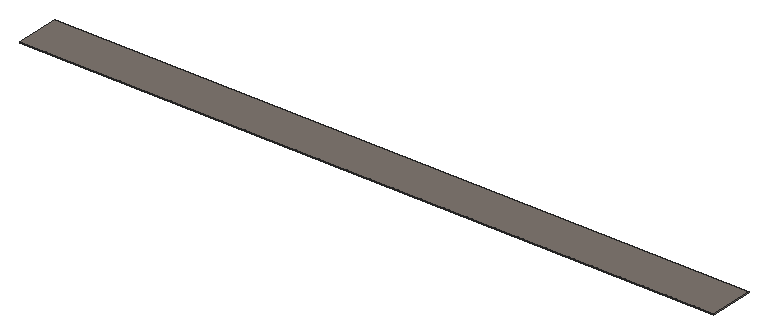
Revit family "Foundation-Barrier-Pango-Claw_Tape", category Specialty Equipment, host Face, Revit 2020
Family settings
  Host = Face
  Round Connector Dimension = Use Diameter
  Part Type = Normal
  OmniClass Number = 23.25.05.21
  OmniClass Title = Special Foundations
  Cut with Voids When Loaded = No
  Shared = No
  Room Calculation Point = No
Parameters (values of type "Pango Claw® 3" Wide")
  Youtube clip = "https://www.youtube.com/watch?v=vzgNG435AUk"
  Weight Net (Kg) = "0"
  Vapor Barrier Width [instance] = 2' - 0"
  Uniformat II Description = ""
  Uniformat II Code = ""
  Uniclass 2015 Name = ""
  Uniclass 2015 Code = ""
  Uniclass 2.0 Description = ""
  Uniclass 2.0 Code = ""
  Uniclass 1.4 Description = ""
  Uniclass 1.4 Code = ""
  URL = "https://www.stegoindustries.com"
  UNSPSC Code = ""
  Type Comments = ""
  Thickness = 0' - 0 1/16"
  Technical description = "multi-layered tape that is used to seal Pango Wrap along its terminating edges (interior and perimeter) to the slab."
  Tape Visibility [instance] = yes
  Stego Crete Claw = Pango Claw® Tape
  Region South America = "CL, PE"
  Region Oceania = "AU, NZ"
  Region North America = "AG, AI, AW, BB, BL, BM, BQ, BS, BZ, CA, CR, CU, CW, DM, DO, GD, GL, GP, GT, HN, HT, JM, KN, KY, LC, MF, MQ, MS, MX, NI, PA, PM, PR, SV, SX, TC, TT, US, VC, VG, VI"
  Region Middle East = "None"
  Region Europe = "None"
  Region Asia = "None"
  Region Antarctica = "None"
  Region Africa = "None"
  QR code = "https://bimobject.com/stego-industries/product/stego010\r\nhttps://bimobject.com/stego-industries/product/stego010"
  Product url = "https://www.stegoindustries.com/products/pango-claw"
  Product group = "Pango Wrap Vapor & Termite Barrier"
  Product family = "Thermal and Moisture Protective Products / Pango Wrap Termite and Vapor Barrier"
  Product data url = "https://bimobject.com/stego-industries/product/stego010"
  Product certification = "https://www.stegoindustries.com/contact-us/technical-assistance\r\nhttps://www.stegoindustries.com/contact-us/technical-assistance"
  Product SKU = "stego010\r\nstego010\r\nstego010\r\nstego010"
  Product Page URL = "https://www.stegoindustries.com/products/pango-claw"
  Product Guid = "https://www.stegoindustries.com/hubfs/Data-Sheets/Pango-Claw-(3%22-Wide)-Data-Sheet.pdf"
  Product Documentation Link = ""
  OmniClass Description = ""
  OmniClass Code = ""
  Nominal width = 0' - 0"
  Nominal height = 0' - 0"
  NBS Reference Description = ""
  NBS Reference Code = ""
  Model = "Pango Claw® 3\" wide"
  Max Length Note = "Pango Claw® is available in rolls of 180'."  # constant formula
  Material secondary = "Acrylic"
  Material main = "Polyethylene"
  Masterformat 2014 Description = "Vapor Retarders"
  Masterformat 2014 Code = "07 26 00"
  Manufacturer name = "Stego Industries, LLC"
  Manufacturer country = "United States"
  Manufacturer = "Stego Industries, LLC"  # constant formula
  Low Emitting Material = yes
  Length [instance] = 4' - 0"
  Installation instructions = "https://www.stegoindustries.com/hubfs/Installation/Pango-Wrap-Termite-Vapor-Barrier-Installation-Instructions.pdf"
  IFC Classification = ""
  Height = 1' - 7"
  Edition number = 1
  EAN code = ""
  Design country = "United States"
  Description = "multi-layered tape that is used to seal Pango Wrap along its terminating edges (interior and perimeter) to the slab. Pango Claw allows wet concrete to cast into the textured top surface to form a mechanical bond/seal. Made from the same uniquely designed barrier technology as Pango Wrap, it is a physical barrier to subterranean termites and an ideal accessory for completing a fully intaact, monolithic Pango Wrap installation."
  Default Elevation = 0' - 0"
  Date of publishing = "8/16/2017"
  Crete Claw Depth = 0' - 3"
  COBIe Type Category = ""
  Brand url = "http://www.stegoindustries.com"
  BIMobject category = "Waterproofing & Membranes\r\nWaterproofing & Membranes"
Reference planes (in)
  plane 1 "Center (Front/Back)": y = 0
  plane 2: z = 0
  plane 3 "Center (Left/Right)": x = 0
  plane 4: x = 48
  plane 5: z = 0.0625
  plane 6: y = -24
  plane 7: z = 0.125
  plane 8: y = -3
Forms (in)
  Extrusion 1, solid
    sketch origin (0, 0, 0) x (1, 0, 0) y (0, 1, 0)
      loop
        line (19.33405, -1.29498) -> (19.33405, -1.33503) -> (19.36859, -1.33503) -> (19.36859, -1.29498) -> (19.33405, -1.29498)
    from 0 to -0.0625
  Extrusion 2, solid, material "Pango Claw® Tape" <- "Stego Crete Claw", visible <- "Tape Visibility"
    sketch origin (0, 0, 0) x (0, 1, 0) y (0, 0, 1)
      loop
        line (0, 0.0625) -> (0, 0.125) -> (-3, 0.125) -> (-3, 0.0625) -> (0, 0.0625)
    from 0 to 48
Lines and regions (in)
  Masking region 1
    outline origin (0, 0, 0) x (1, 0, 0) y (0, 1, 0)
      loop
        line (0, 0) -> (0, -24) -> (48, -24) -> (48, 0) -> (0, 0)
  Masking region 2
    outline origin (0, 0, 0) x (1, 0, 0) y (0, 0, 1)
      loop
        line (0, 0.125) -> (0, 0) -> (48, 0) -> (48, 0.125) -> (0, 0.125)
  Masking region 3
    outline origin (0, 0, 0) x (0, 1, 0) y (0, 0, 1)
      loop
        line (0, 0.125) -> (-3, 0.125) -> (-3, 0.0625) -> (0, 0.0625) -> (0, 0.125)
  Masking region 4
    outline origin (0, 0, 0) x (0, 1, 0) y (0, 0, 1)
      loop
        line (0, 0.0625) -> (-24, 0.0625) -> (-24, 0) -> (0, 0) -> (0, 0.0625)
  symbolic lines, detail levels medium+fine
    curve 1: line (0, -3, 0) -> (48, -3, 0)
  model lines
    curve 2: line (48, 0, 0.0625) -> (0, 0, 0.0625)
Dimensions and locks (in)
  "Thickness": plane 5 to level
  "Thickness": plane 7 to plane 5
  "Length": plane 3 "Center (Left/Right)" to plane 4
  "Crete Claw Depth": plane 8 to plane 1 "Center (Front/Back)"
  "Vapor Barrier Width": plane 6 to plane 1 "Center (Front/Back)"
  aligned and locked: plane 2 to Extrusion 1
  aligned and locked: level to Extrusion 1
  aligned and locked: plane 8 to Extrusion 2
  aligned and locked: plane 4 to Extrusion 2
  aligned and locked: curve 1 to Extrusion 2
  aligned and locked: Masking region 2 sketch curve to Extrusion 2  (x2)
  aligned and locked: Masking region 3 sketch curve to Extrusion 2  (x4)
Automatic sketch dimensions
  Extrusion 1 sketch curve to Extrusion 1 sketch curve = 0' - 0.03453"
  Extrusion 1 sketch curve to Extrusion 1 sketch curve = 0' - 0.04004"
  Extrusion 2 sketch curve to plane 5 = 0' - 0"
  Extrusion 2 sketch curve to plane 8 = 0' - 0"
  Extrusion 2 sketch curve to plane 1 "Center (Front/Back)" = 0' - 0"
  Extrusion 2 sketch curve to plane 7 = 0' - 0"
  curve 1 to plane 3 "Center (Left/Right)" = 0' - 0"
  curve 1 to plane 4 = 0' - 0"
  curve 2 to plane 3 "Center (Left/Right)" = 0' - 0"
  curve 2 to plane 4 = 0' - 0"
  curve 2 to plane 5 = 0' - 0"
  Masking region 1 sketch curve to plane 3 "Center (Left/Right)" = 0' - 0"
  Masking region 1 sketch curve to plane 4 = 0' - 0"
  plane 6 to Masking region 1 sketch curve = 0' - 0"
  plane 1 "Center (Front/Back)" to Masking region 1 sketch curve = 0' - 0"
  Masking region 2 sketch curve to level = 0' - 0"
  Masking region 2 sketch curve to plane 4 = 0' - 0"
  Masking region 4 sketch curve to plane 5 = 0' - 0"
  Masking region 4 sketch curve to plane 6 = 0' - 0"
  Masking region 4 sketch curve to level = 0' - 0"
  Masking region 4 sketch curve to plane 1 "Center (Front/Back)" = 0' - 0"
